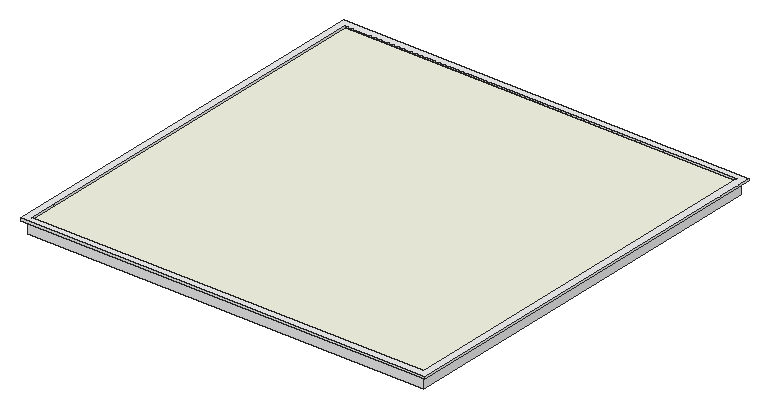
Revit family "Alcon-14001-RGBW-Revit-Family", category Lighting Fixtures, host Face, Revit 2021
Family settings
  Host = Face
  Round Connector Dimension = Use Diameter
  Part Type = Normal
  Cut with Voids When Loaded = Yes
  Light Source = Yes
  Shared = No
  Room Calculation Point = No
Parameters (values of type "2'x2'")
  Width = 2' - 0"
  Wattage = 9.2903 W
  built-in parameter 1150110 = 1 (stored number, unit not read)
  URL = "https://www.alconlighting.com/"
  built-in parameter 1114217 = 1 (stored number, unit not read)
  built-in parameter 1150109 = 1 (stored number, unit not read)
  built-in parameter 1150134 = 3
  built-in parameter 1150113 = 1 (stored number, unit not read)
  Product identity = "Alcon lighting 14001-RGBW"
  Manufacturer = "Alcon Light"
  built-in parameter 1150105 = 439.27 (stored number, unit not read)
  Lumens = 1380 lm
  built-in parameter 1150115 = 1 (stored number, unit not read)
  Link To Product Page = "https://www.alconlighting.com/14001-rgbw.html"
  Light Source Symbol Size = 2' - 0"
  built-in parameter 1150137 = (empty or 0)
  built-in parameter 1150139 = (empty or 0)
  Lens = Lens
  Length = 2' - 0"
  built-in parameter 1150112 = 1 (stored number, unit not read)
  built-in parameter 1150114 = 1 (stored number, unit not read)
  built-in parameter 1150132 = (empty or 0)
  built-in parameter 1150102 = (empty or 0)
  built-in parameter 1150107 = 3200 (stored number, unit not read)
  built-in parameter 1150138 = (empty or 0)
  built-in parameter 1150106 = 4.3927 (stored number, unit not read)
  Housing = housing
  Emit from Rectangle Width = 2' - 0"
  Emit from Rectangle Length = 2' - 0"
  Emit Shape Visible in Rendering = no
  built-in parameter 1150104 = 13.8 (stored number, unit not read)
  Dimming Lamp Color Temperature Shift = <None>
  Default Elevation = 4' - 0"
  Color Filter = 16777215
  built-in parameter 1114218 = 1 (stored number, unit not read)
  built-in parameter 1150133 = 10 (stored number, unit not read)
Types (4): name | Width | Lens | Length | Housing | Emit from Rectangle Width | Emit from Rectangle Length
  (no name) | 2' - 0" | Lens | 2' - 0" | housing | 2' - 0" | 2' - 0"
  2'x2' | 2' - 0" | Lens | 2' - 0" | housing | 2' - 0" | 2' - 0"
  2'x4' | 2' - 0" | none | 4' - 0" | none | 4' - 0" | 2' - 0"
  1'x4' | 1' - 0" | none | 4' - 0" | none | 4' - 0" | 1' - 0"
Reference planes (in)
  plane 1 "Center (Front/Back)": y = 0
  plane 2: z = 0
  plane 3 "Center (Left/Right)": x = 0
  plane 4: x = -12
  plane 5: x = 12
  plane 6: y = 12
  plane 7: y = -12
Forms (in)
  Sweep 1, solid, material "housing" <- "Housing"
    path origin (0, 0, 0) x (1, 0, 0) y (0, 1, 0)
      loop
        line (-12, -12) -> (12, -12) -> (12, 12) -> (-12, 12) -> (-12, -12)
    profile origin (0, -12, 0) x (0, 1, 0) y (0, 0, 1)
      loop
        line (0, 0) -> (0.25, 0) -> (0.25, -0.70698) -> (0.375, -0.70698) -> (0.375, 0.125) -> (0, 0.125) -> (0, 0)
  Extrusion 2, void
    sketch origin (0, 0, 0) x (1, 0, 0) y (0, 1, 0)
      loop
        line (-12, 12) -> (-12, -12) -> (12, -12) -> (12, 12) -> (-12, 12)
    from -0.70698 to 0.37417
  Extrusion 3, solid, material "Lens" <- "Lens"
    sketch origin (0, 0, 0) x (1, 0, 0) y (0, 1, 0)
      loop
        line (-11.625, 11.625) -> (-11.625, -11.625) -> (11.625, -11.625) -> (11.625, 11.625) -> (-11.625, 11.625)
    from 0 to 0.03125
Dimensions and locks (in)
  equal spacing: plane 4, plane 3 "Center (Left/Right)", plane 5
  equal spacing: plane 7, plane 1 "Center (Front/Back)", plane 6
  "Width": plane 4 to plane 5
  "Length": plane 6 to plane 7
  aligned and locked: plane 2 to host face
  aligned and locked: level to host face
  aligned and locked: Sweep 1 sketch curve to plane 7
  aligned and locked: Sweep 1 sketch curve to plane 4
  aligned and locked: plane 6 to Sweep 1 sketch curve
  aligned and locked: Sweep 1 sketch curve to plane 5
  aligned and locked: Extrusion 2 sketch curve to Sweep 1  (x4)
  aligned and locked: Extrusion 3 sketch curve to Sweep 1  (x4)
Automatic sketch dimensions
  host sketch curve to host sketch curve = 8' - 0"  (x2)
  Sweep 1 sketch curve to level = 0' - 0"
  Sweep 1 sketch curve to profile plane = 0' - 0"
  Sweep 1 sketch curve to profile plane = 0' - 0 1/4"
  Sweep 1 sketch curve to Sweep 1 sketch curve = 0' - 0 1/8"  (x2)
  Sweep 1 sketch curve to level = 0' - 0.70698"
